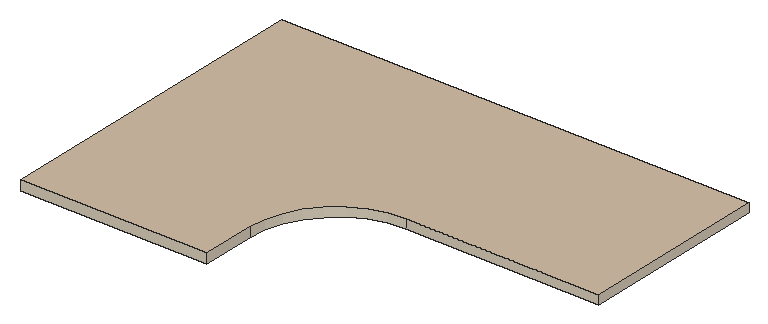
Revit family "M_Sistema de mobiliário-superfície de trabalho-em L com canto quadrado", category Sistema de mobiliário, Revit 2019
Family settings
  Cota do conector redondo = Utilizar diâmetro
  Tipo de parte = Normal
  Número OmniClass = 23.40.70.14.64.21
  Título OmniClass = Systems Furniture
  Com base no plano de trabalho = Não
  Sempre na vertical = Sim
  Corte com vazios quando carregada = Não
  Compartilhado = Não
  Ponto de cálculo do ambiente = Não
Parameters (values of type "1500 x 1050 x 600mm")
  Material da superfície de trabalho [instance] = Laminado plástico – Carvalho branco
  Comentários de tipos = "Superfície de trabalho em L com extremidade quadrada de 1500 x 1050 x 600 mm"
  Espessura = 30 mm
  Largura = 1050 mm
  Model = ""
  Manufacturer = ""
  Comprimento = 1500 mm
  Altura = 750 mm
  Material da aresta [instance] = Laminado plástico – Bege – Claro – Suave
  Description = ""
  Linear = 600 mm
Reference planes
  plane 1 "Centro F/T": y = 0
  plane 2: z = 0
  plane 3 "Centro E/D": x = 0
  plane 4: y = -600
  plane 5 "Direita": x = 1500
  plane 6 "Superior": z = 750
  plane 7 "Inferior": z = 720
  plane 8: x = 600
  plane 9 "Parte frontal": y = -1050
  plane 10: y = -879.4
  plane 11: x = 879.4
Forms (mm)
  Extrusion 1, solid, material "Laminado plástico – Carvalho branco" <- "Material da superfície de trabalho"
    sketch origin (0, 0, 0) x (1, 0, 0) y (0, 1, 0)
      loop
        line (0, 0) -> (0, -1050) -> (600, -1050) -> (600, -879.4)
        arc (600, -879.4) -> (681.834, -681.834) -> (879.4, -600) r 279.4
        line (879.4, -600) -> (1500, -600) -> (1500, 0) -> (0, 0)
    from 720 to 750
Lines and regions (mm)
  Masking region 1
    outline origin (0, 0, 0) x (1, 0, 0) y (0, 1, 0)
      loop
        line (0, 0) -> (0, -1050) -> (600, -1050) -> (600, -879.4)
        arc (600, -879.4) -> (681.834, -681.834) -> (879.4, -600) r 279.4
        line (879.4, -600) -> (1500, -600) -> (1500, 0) -> (0, 0)
Dimensions and locks
  "Comprimento": plane 3 "Centro E/D" to plane 5 "Direita"
  "Linear": plane 4 to plane 1 "Centro F/T"
  "Espessura": plane 6 "Superior" to plane 7 "Inferior"
  "Largura": plane 9 "Parte frontal" to plane 1 "Centro F/T"
  "Linear": plane 3 "Centro E/D" to plane 8
  locked: plane 8 to plane 11 at 279.4
  locked: plane 4 to plane 10 at 279.4
  "Altura": plane 6 "Superior" to plane 2
  radius of Extrusion 1 sketch curve = 279.4 mm
  aligned and locked: plane 1 "Centro F/T" to Extrusion 1 sketch curve
  aligned and locked: plane 4 to Extrusion 1 sketch curve
  aligned and locked: plane 3 "Centro E/D" to Extrusion 1 sketch curve
  aligned and locked: level to plane 2
  aligned and locked: plane 6 "Superior" to Extrusion 1
  aligned and locked: plane 7 "Inferior" to Extrusion 1
  aligned and locked: plane 3 "Centro E/D" to Masking region 1 sketch curve
  aligned and locked: plane 4 to Masking region 1 sketch curve
  aligned and locked: plane 1 "Centro F/T" to Masking region 1 sketch curve
  aligned and locked: plane 8 to Extrusion 1 sketch curve
  aligned and locked: Extrusion 1 sketch curve to plane 9 "Parte frontal"
  aligned and locked: Extrusion 1 sketch curve to plane 11
  aligned and locked: plane 10 to Extrusion 1 sketch curve  (x2)
  aligned and locked: plane 11 to Extrusion 1 sketch curve
  aligned and locked: Masking region 1 sketch curve to plane 9 "Parte frontal"
  aligned and locked: plane 8 to Masking region 1 sketch curve
  aligned and locked: plane 10 to Masking region 1 sketch curve
  aligned and locked: Masking region 1 sketch curve to plane 11
  aligned and locked: Masking region 1 sketch curve to Extrusion 1
  aligned and locked: plane 5 "Direita" to Masking region 1 sketch curve
  aligned and locked: Extrusion 1 sketch curve to plane 5 "Direita"
Types in the file's own list only (7): name | Comentários de tipos | Largura | Comprimento
  1650 x 1050 x 600mm | "Superfície de trabalho em L com extremidade quadrada de 1650 x 1050 x 600 mm" | 1050 mm | 1650 mm
  1800 x 1050 x 600mm | "Superfície de trabalho em L com extremidade quadrada de 1800 x 1050 x 600 mm" | 1050 mm | 1800 mm
  1950 x 1050 x 600mm | "Superfície de trabalho em L com extremidade quadrada de 1950 x 1050 x 600 mm" | 1050 mm | 1950 mm
  1500 x 1200 x 600mm | "Superfície de trabalho em L com extremidade quadrada de 1500 x 1200 x 600 mm" | 1200 mm | 1500 mm
  1650 x 1200 x 600mm | "Superfície de trabalho em L com extremidade quadrada de 1650 x 1200 x 600 mm" | 1200 mm | 1650 mm
  1800 x 1200 x 600mm | "Superfície de trabalho em L com extremidade quadrada de 1800 x 1200 x 600 mm" | 1200 mm | 1800 mm
  1950 x 1200 x 600mm | "Superfície de trabalho em L com extremidade quadrada de 1950 x 1200 x 600 mm" | 1200 mm | 1950 mm
